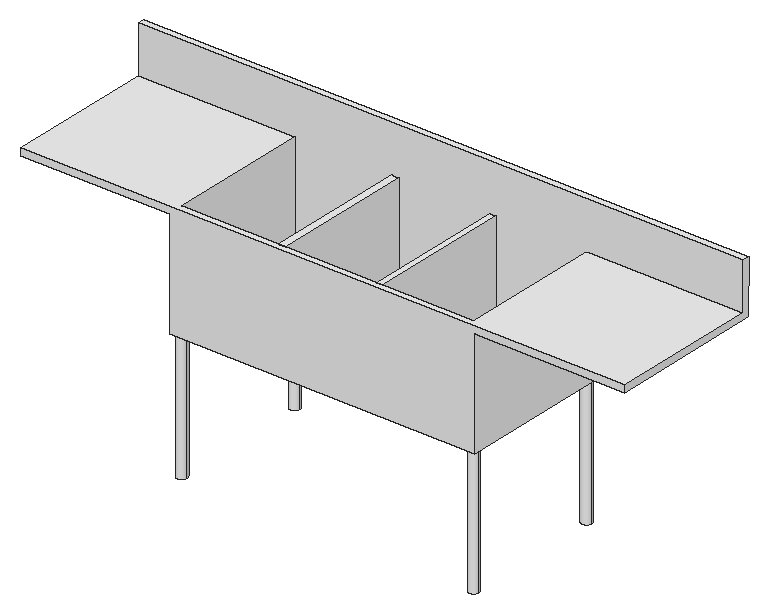
Revit family "224200 - Commercial Plumbing Fixtures - 3 Compartment Sink", category Plumbing Fixtures, Revit 2020
Family settings
  Round Connector Dimension = Use Diameter
  Part Type = Normal
  Work Plane-Based = No
  Always vertical = Yes
  Cut with Voids When Loaded = No
  Shared = No
  Room Calculation Point = No
Parameters (values of type "one")
  Width_Combined Width = 3' - 7.47182"
  Width = 1' - 11"
  Tray Length - Right = 1' - 11.26409"
  Tray Length - Left = 1' - 11.26409"
  Material = stainless
  Length = 7' - 6"
  Inset - front/back = 0' - 1"
  Height = 3' - 0"
  Default Elevation = 0' - 0"
  Backsplash Height = 0' - 7"
Reference planes (in)
  plane 1 "Center (Front/Back)": y = 0
  plane 2: z = 0
  plane 3 "Center (Left/Right)": x = 0
  plane 4: y = 23
  plane 5: x = -90
  plane 6: y = 22
  plane 7: y = 1
  plane 8: x = -22.26409
  plane 9: x = -67.73591
  plane 10: x = -66.73591
  plane 11: x = -23.26409
  plane 12: x = -52.2453
  plane 13: x = -37.7547
  plane 14: x = -51.2453
  plane 15: x = -36.7547
  plane 16: x = -59.49061
  plane 17: x = -44.5
  plane 18: x = -30.00939
  plane 19: y = 11.5
  plane 20: z = 36
  plane 21: z = 20
  plane 22: z = 19
  plane 23: z = 43
Forms (in)
  Extrusion 1, solid, material "stainless" <- "Material"
    sketch origin (0.75, -11, 0) x (1, 0, 0) y (0, 1, 0)
      loop
        line (-23.01409, 34) -> (-68.48591, 34) -> (-68.48591, 11) -> (-23.01409, 11) -> (-23.01409, 34)
    from 19 to 36
  Extrusion 2, void
    sketch origin (0.75, -11, 0) x (1, 0, 0) y (0, 1, 0)
      loop
        line (-67.48591, 33) -> (-67.48591, 12) -> (-24.01409, 12) -> (-24.01409, 33) -> (-67.48591, 33)
    from 20 to 36
  Extrusion 3, solid, material "stainless" <- "Material"
    sketch origin (-105.57325, -180, 36) x (-1, 0, 0) y (0, -1, 0)
      loop
        line (-15.57325, -180) -> (-37.83734, -180) -> (-37.83734, -202) -> (-15.57325, -202) -> (-15.57325, -180)
    from 0 to -1
  Extrusion 4, solid, material "stainless" <- "Material"
    sketch origin (-1.25, -11, 18) x (1, 0, 0) y (0, 1, 0)
      loop
        line (-50.9953, 33) -> (-50.9953, 12) -> (-49.9953, 12) -> (-49.9953, 33) -> (-50.9953, 33)
    from 2 to 18
  Extrusion 5, solid, material "stainless" <- "Material"
    sketch origin (17.5, -11, 0) x (1, 0, 0) y (0, 1, 0)
      loop
        line (-55.2547, 33) -> (-55.2547, 12) -> (-54.2547, 12) -> (-54.2547, 33) -> (-55.2547, 33)
    from 20 to 36
  Extrusion 6, solid, material "stainless" <- "Material"
    sketch origin (56, -11, 0) x (1, 0, 0) y (0, 1, 0)
      loop
        circle (-79.26409, 33) r 0.75
      loop
        circle (-79.26409, 12) r 0.75
      loop
        circle (-122.73591, 12) r 0.75
      loop
        circle (-122.73591, 33) r 0.75
    from 19 to 0
  Extrusion 7, solid, material "stainless" <- "Material"
    sketch origin (-105.57325, -180, 36) x (-1, 0, 0) y (0, -1, 0)
      loop
        line (-15.57325, -203) -> (-15.57325, -202) -> (-105.57325, -202) -> (-105.57325, -203) -> (-15.57325, -203)
    from -1 to 7
  Extrusion 8, void
    sketch origin (-7.22323, -11.29189, 0) x (1, 0, 0) y (0, 1, 0)
      loop
        circle (-52.26737, 22.79189) r 1.5
    from 0 to 20
  Extrusion 9, void
    sketch origin (21.48481, 35.29189, 0) x (1, 0, 0) y (0, 1, 0)
      loop
        circle (-65.98481, -23.79189) r 1.5
    from 0 to 20
  Extrusion 10, void
    sketch origin (35.30876, 35.29189, 0) x (1, 0, 0) y (0, 1, 0)
      loop
        circle (-65.31815, -23.79189) r 1.5
    from 0 to 20
  Extrusion 11, solid, material "stainless" <- "Material"
    sketch origin (-105.57325, -180, 36) x (-1, 0, 0) y (0, -1, 0)
      loop
        line (-82.30916, -180) -> (-105.57325, -180) -> (-105.57325, -202) -> (-82.30916, -202) -> (-82.30916, -180)
    from 0 to -1
Cuts and joins
  Extrusion 2, Extrusion 8, Extrusion 9, Extrusion 10 cuts Extrusion 1
  joined: Extrusion 1, Extrusion 3, Extrusion 7, Extrusion 11
Dimensions and locks (in)
  "Width": plane 1 "Center (Front/Back)" to plane 4
  locked: Extrusion 7 sketch curve to Extrusion 7 sketch curve at 1
  "Tray Length - Left": plane 5 to plane 10
  "Tray Length - Right": plane 11 to plane 3 "Center (Left/Right)"
  "Inset - front/back": plane 7 to plane 1 "Center (Front/Back)"
  "Inset - front/back": plane 4 to plane 6
  "Inset - front/back": plane 11 to plane 8
  "Inset - front/back": plane 9 to plane 10
  equal spacing: plane 10, plane 12, plane 13, plane 11
  plane 14 to plane 15 = 1' - 2.49061"
  "Inset - front/back": plane 12 to plane 14
  "Inset - front/back": plane 13 to plane 15
  equal spacing: plane 1 "Center (Front/Back)", plane 19, plane 4
  equal spacing: plane 10, plane 16, plane 12
  equal spacing: plane 14, plane 17, plane 13
  equal spacing: plane 15, plane 18, plane 11
  "Height": plane 20 to plane 2
  plane 20 to plane 21 = 1' - 4"
  "Inset - front/back": plane 21 to plane 22
  "Length": plane 5 to plane 3 "Center (Left/Right)"
  "Backsplash Height": plane 23 to plane 20
  aligned and locked: Extrusion 3 to plane 5
  aligned and locked: Extrusion 7 to plane 5
  aligned and locked: Extrusion 7 to plane 4
  aligned and locked: plane 9 to Extrusion 3
  aligned and locked: Extrusion 1 to Extrusion 3
  aligned and locked: cut or joined group 1 (Extrusion 1, Extrusion 2, Extrusion 3, Extrusion 7, Extrusion 8, Extrusion 9, Extrusion 10, Extrusion 11) to plane 4
  aligned and locked: plane 8 to cut or joined group 1
  aligned and locked: cut or joined group 1 to plane 10
  aligned and locked: plane 6 to cut or joined group 1
  aligned and locked: plane 11 to cut or joined group 1
  aligned and locked: plane 6 to Extrusion 5
  aligned and locked: plane 6 to Extrusion 4
  aligned and locked: Extrusion 4 to plane 12
  aligned and locked: Extrusion 5 to plane 13
  aligned and locked: plane 15 to Extrusion 5
  aligned and locked: plane 16 to Extrusion 8 sketch curve
  aligned and locked: plane 17 to Extrusion 9 sketch curve
  aligned and locked: plane 18 to Extrusion 10 sketch curve
  aligned and locked: plane 19 to Extrusion 8 sketch curve
  aligned and locked: plane 19 to Extrusion 9 sketch curve
  aligned and locked: plane 19 to Extrusion 10 sketch curve
  aligned and locked: plane 6 to Extrusion 6 sketch curve
  aligned and locked: plane 11 to Extrusion 6 sketch curve
  aligned and locked: cut or joined group 1 to Extrusion 4
  aligned and locked: cut or joined group 1 to Extrusion 5
  aligned and locked: plane 20 to cut or joined group 1  (x2)
  aligned and locked: plane 20 to Extrusion 5
  aligned and locked: Extrusion 2 to plane 21
  aligned and locked: plane 21 to cut or joined group 1  (x3)
  aligned and locked: cut or joined group 1 to plane 22
  aligned and locked: plane 22 to Extrusion 6
  aligned and locked: Extrusion 6 to level
  aligned and locked: plane 23 to cut or joined group 1
  aligned and locked: Extrusion 3 sketch curve to plane 6
  aligned and locked: plane 3 "Center (Left/Right)" to Extrusion 11 sketch curve
  aligned and locked: plane 11 to Extrusion 11 sketch curve
Automatic sketch dimensions
  Extrusion 1 sketch curve to plane 1 "Center (Front/Back)" = 0' - 0"
  plane 4 to Extrusion 1 sketch curve = 0' - 0"
  plane 5 to Extrusion 1 sketch curve = 1' - 10.26409"
  Extrusion 1 sketch curve to plane 3 "Center (Left/Right)" = 1' - 10.26409"
  Extrusion 2 sketch curve to plane 1 "Center (Front/Back)" = 0' - 1"
  plane 5 to Extrusion 2 sketch curve = 1' - 11.26409"
  Extrusion 2 sketch curve to plane 3 "Center (Left/Right)" = 1' - 11.26409"
  plane 4 to Extrusion 2 sketch curve = 0' - 1"
  Extrusion 4 sketch curve to plane 1 "Center (Front/Back)" = 0' - 1"
  plane 5 to Extrusion 4 sketch curve = 3' - 1.7547"
  Extrusion 4 sketch curve to Extrusion 4 sketch curve = 0' - 1"
  plane 4 to Extrusion 4 sketch curve = 0' - 1"
  Extrusion 5 sketch curve to plane 1 "Center (Front/Back)" = 0' - 1"
  Extrusion 5 sketch curve to plane 3 "Center (Left/Right)" = 3' - 1.7547"
  Extrusion 5 sketch curve to Extrusion 5 sketch curve = 0' - 1"
  plane 4 to Extrusion 5 sketch curve = 0' - 1"
  Extrusion 6 sketch curve to plane 7 = 0' - 0"  (x2)
  Extrusion 6 sketch curve to plane 10 = 0' - 0"  (x2)
  Extrusion 6 sketch curve to plane 6 = 0' - 0"
  Extrusion 6 sketch curve to plane 11 = 0' - 0"
  Extrusion 7 sketch curve to plane 3 "Center (Left/Right)" = 0' - 0"
  Extrusion 7 sketch curve to plane 5 = 0' - 0"
  plane 4 to Extrusion 7 sketch curve = 0' - 0"
  Extrusion 3 sketch curve to plane 1 "Center (Front/Back)" = 0' - 0"
  Extrusion 3 sketch curve to plane 9 = 0' - 0"
  Extrusion 3 sketch curve to plane 5 = 0' - 0"
  Extrusion 11 sketch curve to plane 6 = 0' - 0"
  Extrusion 11 sketch curve to plane 1 "Center (Front/Back)" = 0' - 0"
  radius of Extrusion 8 sketch curve = 0' - 1 1/2"
  radius of Extrusion 9 sketch curve = 0' - 1 1/2"
  radius of Extrusion 10 sketch curve = 0' - 1 1/2"
  radius of Extrusion 6 sketch curve = 0' - 0 3/4"  (x4)
